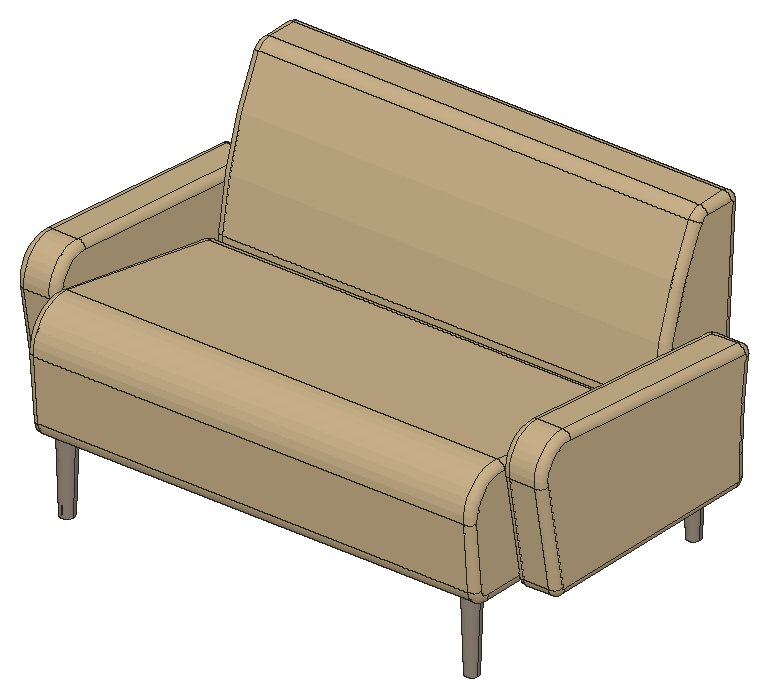
Revit family "Rise_RS-L-SL_LoveseatSlopedArms", category Furniture, Revit 2021
Family settings
  OmniClass Number = 23.40.20.00
  OmniClass Title = General Furniture and Specialties
  Work Plane-Based = No
  Always vertical = Yes
  Cut with Voids When Loaded = No
  Shared = No
  Room Calculation Point = No
Parameters
  width = 52"
  seat material = Fabric 3iii
  depth = 32"
  Default Elevation = 0"
  Base material = wooden base3
  Back rest material = Fabric 3ii
  Arm rest material = Fabric 3i
Reference planes (in)
  plane 1 "Center Front/Back": y = 0
  plane 2: z = 0
  plane 3 "Center Left/Right": x = 0
  plane 4: x = -26
  plane 5: x = 26
  plane 6: y = 16
  plane 7: y = -16
  plane 8: x = -22
  plane 9: x = 22
  plane 10: y = 6
  plane 11: y = -12.44657
  plane 12: z = 32
  plane 13: z = 19
  plane 14: z = 22.5
  plane 15: z = 7.12323
Forms (in)
  Extrusion 1, solid, material "Fabric 3ii" <- "Back rest material"
    sketch origin (0, 0, -1.62677) x (0, 1, 0) y (0, 0, 1)
      loop
        arc (12.04013, 31.9375) -> (11.28615, 31.73423) -> (10.73651, 31.17951) r 1.5
        arc (10.73651, 31.17951) -> (7.71431, 24.25148) -> (6.21931, 16.84226) r 35.6801
        arc (6.21931, 16.84226) -> (6.17247, 13.36043) -> (6.67773, 9.91513) r 21.91456
        arc (6.67773, 9.91513) -> (7.20508, 9.0769) -> (8.13987, 8.75) r 1.5
        line (8.13987, 8.75) -> (13.81248, 8.75)
        arc (13.81248, 8.75) -> (14.51958, 9.04289) -> (14.81248, 9.75) r 1
        line (14.81248, 9.75) -> (14.81248, 12.74538)
        arc (14.81248, 12.74538) -> (14.84339, 14.51652) -> (14.9361, 16.28552) r 50.75
        line (14.9361, 16.28552) -> (15.95579, 30.86774)
        arc (15.95579, 30.86774) -> (15.68958, 31.6195) -> (14.95822, 31.9375) r 1
        line (14.95822, 31.9375) -> (12.04013, 31.9375)
    from -22 to 22
  Extrusion 2, solid, material "Fabric 3iii" <- "seat material"
    sketch origin (0, 0, -1.62677) x (0, 1, 0) y (0, 0, 1)
      loop
        line (6.29227, 10.3285) -> (6.02665, 15.39689)
        arc (6.02665, 15.39689) -> (5.57974, 16.55571) -> (4.53493, 17.22727) r 2
        arc (4.53493, 17.22727) -> (-4.17096, 19.15136) -> (-12.99788, 20.40836) r 117.2535
        arc (-12.99788, 20.40836) -> (-16.01518, 19.35139) -> (-17.12077, 16.35157) r 3.75
        line (-17.12077, 16.35157) -> (-16.57551, 10.11927)
        arc (-16.57551, 10.11927) -> (-16.09461, 9.14408) -> (-15.08122, 8.75) r 1.5
        line (-15.08122, 8.75) -> (4.79433, 8.75)
        arc (4.79433, 8.75) -> (5.88239, 9.21747) -> (6.29227, 10.3285) r 1.5
    from -22 to 22
  Extrusion 3, solid, material "Fabric 3i" <- "Arm rest material"
    sketch origin (0, 0, -1.62677) x (0, 1, 0) y (0, 0, 1)
      loop
        arc (-9.82029, 23.08696) -> (-12.4997, 22.04499) -> (-13.30417, 19.28497) r 3.25
        line (-13.30417, 19.28497) -> (-11.59228, 9.57635)
        arc (-11.59228, 9.57635) -> (-11.25026, 8.98396) -> (-10.60747, 8.75) r 1
        line (-10.60747, 8.75) -> (10.76724, 8.75)
        arc (10.76724, 8.75) -> (11.47435, 9.04289) -> (11.76724, 9.75) r 1
        line (11.76724, 9.75) -> (11.76724, 11.91394)
        arc (11.76724, 11.91394) -> (11.84276, 14.07639) -> (12.06893, 16.2283) r 31
        line (12.06893, 16.2283) -> (12.60861, 20.06833)
        arc (12.60861, 20.06833) -> (12.40095, 20.83002) -> (11.7055, 21.2037) r 1
        line (11.7055, 21.2037) -> (-9.82029, 23.08696)
    from 22 to 26
  Extrusion 4, solid, material "Fabric 3i" <- "Arm rest material"
    sketch origin (0, 0, -1.62677) x (0, 1, 0) y (0, 0, -1)
      loop
        line (-9.82029, -23.08696) -> (11.7055, -21.2037)
        arc (11.7055, -21.2037) -> (12.40095, -20.83002) -> (12.60861, -20.06833) r 1
        line (12.60861, -20.06833) -> (12.06893, -16.2283)
        arc (12.06893, -16.2283) -> (11.84276, -14.07639) -> (11.76724, -11.91394) r 31
        line (11.76724, -11.91394) -> (11.76724, -9.75)
        arc (11.76724, -9.75) -> (11.47435, -9.04289) -> (10.76724, -8.75) r 1
        line (10.76724, -8.75) -> (-10.60747, -8.75)
        arc (-10.60747, -8.75) -> (-11.25026, -8.98396) -> (-11.59228, -9.57635) r 1
        line (-11.59228, -9.57635) -> (-13.30417, -19.28497)
        arc (-13.30417, -19.28497) -> (-12.4997, -22.04499) -> (-9.82029, -23.08696) r 3.25
    from 22 to 26
  Sweep 5, void
    path in 3D
      loop
        arc (26, 10.76724, 7.12323) -> (26, 11.47435, 7.41612) -> (26, 11.76724, 8.12323) r 1
        line (26, 11.76724, 8.12323) -> (26, 11.76724, 10.28716)
        arc (26, 11.76724, 10.28716) -> (26, 11.84276, 12.44961) -> (26, 12.06893, 14.60153) r 31
        line (26, 12.06893, 14.60153) -> (26, 12.60861, 18.44155)
        arc (26, 12.60861, 18.44155) -> (26, 12.40095, 19.20324) -> (26, 11.7055, 19.57692) r 1
        line (26, 11.7055, 19.57692) -> (26, -9.82029, 21.46018)
        arc (26, -9.82029, 21.46018) -> (26, -12.4997, 20.41822) -> (26, -13.30417, 17.65819) r 3.25
        line (26, -13.30417, 17.65819) -> (26, -11.59228, 7.94958)
        arc (26, -11.59228, 7.94958) -> (26, -11.25026, 7.35718) -> (26, -10.60747, 7.12323) r 1
        line (26, -10.60747, 7.12323) -> (26, 10.76724, 7.12323)
    profile origin (26, 0.07988, 7.12323) x (1, 0, 0) y (0, 0, -1)
      loop
        line (0, 0) -> (-0.75, 0)
        arc (-0.75, 0) -> (-0.21967, -0.21967) -> (0, -0.75) r 0.75
        line (0, -0.75) -> (0, 0)
  Sweep 6, void
    path in 3D
      loop
        arc (22, 10.76724, 7.12323) -> (22, 11.47435, 7.41612) -> (22, 11.76724, 8.12323) r 1
        line (22, 11.76724, 8.12323) -> (22, 11.76724, 10.28716)
        arc (22, 11.76724, 10.28716) -> (22, 11.84276, 12.44961) -> (22, 12.06893, 14.60153) r 31
        line (22, 12.06893, 14.60153) -> (22, 12.60861, 18.44155)
        arc (22, 12.60861, 18.44155) -> (22, 12.40095, 19.20324) -> (22, 11.7055, 19.57692) r 1
        line (22, 11.7055, 19.57692) -> (22, -9.82029, 21.46018)
        arc (22, -9.82029, 21.46018) -> (22, -12.4997, 20.41822) -> (22, -13.30417, 17.65819) r 3.25
        line (22, -13.30417, 17.65819) -> (22, -11.59228, 7.94958)
        arc (22, -11.59228, 7.94958) -> (22, -11.25026, 7.35718) -> (22, -10.60747, 7.12323) r 1
        line (22, -10.60747, 7.12323) -> (22, 10.76724, 7.12323)
    profile origin (22, 0.07988, 7.12323) x (1, 0, 0) y (0, 0, -1)
      loop
        line (0, 0) -> (0, -0.75)
        arc (0, -0.75) -> (0.21967, -0.21967) -> (0.75, 0) r 0.75
        line (0.75, 0) -> (0, 0)
  Sweep 7, void
    path in 3D
      loop
        arc (-26, 10.76724, 7.12323) -> (-26, 11.47435, 7.41612) -> (-26, 11.76724, 8.12323) r 1
        line (-26, 11.76724, 8.12323) -> (-26, 11.76724, 10.28716)
        arc (-26, 11.76724, 10.28716) -> (-26, 11.84276, 12.44961) -> (-26, 12.06893, 14.60153) r 31
        line (-26, 12.06893, 14.60153) -> (-26, 12.60861, 18.44155)
        arc (-26, 12.60861, 18.44155) -> (-26, 12.40095, 19.20324) -> (-26, 11.7055, 19.57692) r 1
        line (-26, 11.7055, 19.57692) -> (-26, -9.82029, 21.46018)
        arc (-26, -9.82029, 21.46018) -> (-26, -12.4997, 20.41822) -> (-26, -13.30417, 17.65819) r 3.25
        line (-26, -13.30417, 17.65819) -> (-26, -11.59228, 7.94958)
        arc (-26, -11.59228, 7.94958) -> (-26, -11.25026, 7.35718) -> (-26, -10.60747, 7.12323) r 1
        line (-26, -10.60747, 7.12323) -> (-26, 10.76724, 7.12323)
    profile origin (-26, 0.07988, 7.12323) x (1, 0, 0) y (0, 0, -1)
      loop
        line (0, 0) -> (0, -0.75)
        arc (0, -0.75) -> (0.21967, -0.21967) -> (0.75, 0) r 0.75
        line (0.75, 0) -> (0, 0)
  Sweep 8, void
    path in 3D
      loop
        arc (-22, 10.76724, 7.12323) -> (-22, 11.47435, 7.41612) -> (-22, 11.76724, 8.12323) r 1
        line (-22, 11.76724, 8.12323) -> (-22, 11.76724, 10.28716)
        arc (-22, 11.76724, 10.28716) -> (-22, 11.84276, 12.44961) -> (-22, 12.06893, 14.60153) r 31
        line (-22, 12.06893, 14.60153) -> (-22, 12.60861, 18.44155)
        arc (-22, 12.60861, 18.44155) -> (-22, 12.40095, 19.20324) -> (-22, 11.7055, 19.57692) r 1
        line (-22, 11.7055, 19.57692) -> (-22, -9.82029, 21.46018)
        arc (-22, -9.82029, 21.46018) -> (-22, -12.4997, 20.41822) -> (-22, -13.30417, 17.65819) r 3.25
        line (-22, -13.30417, 17.65819) -> (-22, -11.59228, 7.94958)
        arc (-22, -11.59228, 7.94958) -> (-22, -11.25026, 7.35718) -> (-22, -10.60747, 7.12323) r 1
        line (-22, -10.60747, 7.12323) -> (-22, 10.76724, 7.12323)
    profile origin (-22, 0.07988, 7.12323) x (1, 0, 0) y (0, 0, -1)
      loop
        line (0, 0) -> (-0.75, 0)
        arc (-0.75, 0) -> (-0.21967, -0.21967) -> (0, -0.75) r 0.75
        line (0, -0.75) -> (0, 0)
  Sweep 9, void
    path in 3D
      loop
        arc (22, 4.79433, 7.12323) -> (22, 5.88239, 7.59069) -> (22, 6.29227, 8.70173) r 1.5
        line (22, 6.29227, 8.70173) -> (22, 6.02665, 13.77011)
        arc (22, 6.02665, 13.77011) -> (22, 5.57974, 14.92894) -> (22, 4.53493, 15.60049) r 2
        arc (22, 4.53493, 15.60049) -> (22, -4.17096, 17.52458) -> (22, -12.99788, 18.78159) r 117.2535
        arc (22, -12.99788, 18.78159) -> (22, -16.01518, 17.72462) -> (22, -17.12077, 14.72479) r 3.75
        line (22, -17.12077, 14.72479) -> (22, -16.57551, 8.49249)
        arc (22, -16.57551, 8.49249) -> (22, -16.09461, 7.51731) -> (22, -15.08122, 7.12323) r 1.5
        line (22, -15.08122, 7.12323) -> (22, 4.79433, 7.12323)
    profile origin (22, -5.14344, 7.12323) x (1, 0, 0) y (0, 0, -1)
      loop
        line (0, 0) -> (-0.75, 0)
        arc (-0.75, 0) -> (-0.21967, -0.21967) -> (0, -0.75) r 0.75
        line (0, -0.75) -> (0, 0)
  Sweep 10, void
    path in 3D
      loop
        arc (-22, 4.79433, 7.12323) -> (-22, 5.88239, 7.59069) -> (-22, 6.29227, 8.70173) r 1.5
        line (-22, 6.29227, 8.70173) -> (-22, 6.02665, 13.77011)
        arc (-22, 6.02665, 13.77011) -> (-22, 5.57974, 14.92894) -> (-22, 4.53493, 15.60049) r 2
        arc (-22, 4.53493, 15.60049) -> (-22, -4.17096, 17.52458) -> (-22, -12.99788, 18.78159) r 117.2535
        arc (-22, -12.99788, 18.78159) -> (-22, -16.01518, 17.72462) -> (-22, -17.12077, 14.72479) r 3.75
        line (-22, -17.12077, 14.72479) -> (-22, -16.57551, 8.49249)
        arc (-22, -16.57551, 8.49249) -> (-22, -16.09461, 7.51731) -> (-22, -15.08122, 7.12323) r 1.5
        line (-22, -15.08122, 7.12323) -> (-22, 4.79433, 7.12323)
    profile origin (-22, -5.14344, 7.12323) x (1, 0, 0) y (0, 0, -1)
      loop
        line (0, 0) -> (0, -0.75)
        arc (0, -0.75) -> (0.21967, -0.21967) -> (0.75, 0) r 0.75
        line (0.75, 0) -> (0, 0)
  Sweep 11, void
    path in 3D
      loop
        arc (22, 13.81248, 7.12323) -> (22, 14.51958, 7.41612) -> (22, 14.81248, 8.12323) r 1
        line (22, 14.81248, 8.12323) -> (22, 14.81248, 11.1186)
        arc (22, 14.81248, 11.1186) -> (22, 14.84339, 12.88975) -> (22, 14.9361, 14.65874) r 50.75
        line (22, 14.9361, 14.65874) -> (22, 15.95579, 29.24097)
        arc (22, 15.95579, 29.24097) -> (22, 15.68958, 29.99272) -> (22, 14.95822, 30.31073) r 1
        line (22, 14.95822, 30.31073) -> (22, 12.04013, 30.31073)
        arc (22, 12.04013, 30.31073) -> (22, 11.28615, 30.10746) -> (22, 10.73651, 29.55274) r 1.5
        arc (22, 10.73651, 29.55274) -> (22, 7.71431, 22.6247) -> (22, 6.21931, 15.21549) r 35.6801
        arc (22, 6.21931, 15.21549) -> (22, 6.17247, 11.73365) -> (22, 6.67773, 8.28835) r 21.91456
        arc (22, 6.67773, 8.28835) -> (22, 7.20508, 7.45013) -> (22, 8.13987, 7.12323) r 1.5
        line (22, 8.13987, 7.12323) -> (22, 13.81248, 7.12323)
    profile origin (22, 10.97617, 7.12323) x (1, 0, 0) y (0, 0, -1)
      loop
        line (0, 0) -> (-0.75, 0)
        arc (-0.75, 0) -> (-0.21967, -0.21967) -> (0, -0.75) r 0.75
        line (0, -0.75) -> (0, 0)
  Sweep 12, void
    path in 3D
      loop
        arc (-22, 13.81248, 7.12323) -> (-22, 14.51958, 7.41612) -> (-22, 14.81248, 8.12323) r 1
        line (-22, 14.81248, 8.12323) -> (-22, 14.81248, 11.1186)
        arc (-22, 14.81248, 11.1186) -> (-22, 14.84339, 12.88975) -> (-22, 14.9361, 14.65874) r 50.75
        line (-22, 14.9361, 14.65874) -> (-22, 15.95579, 29.24097)
        arc (-22, 15.95579, 29.24097) -> (-22, 15.68958, 29.99272) -> (-22, 14.95822, 30.31073) r 1
        line (-22, 14.95822, 30.31073) -> (-22, 12.04013, 30.31073)
        arc (-22, 12.04013, 30.31073) -> (-22, 11.28615, 30.10746) -> (-22, 10.73651, 29.55274) r 1.5
        arc (-22, 10.73651, 29.55274) -> (-22, 7.71431, 22.6247) -> (-22, 6.21931, 15.21549) r 35.6801
        arc (-22, 6.21931, 15.21549) -> (-22, 6.17247, 11.73365) -> (-22, 6.67773, 8.28835) r 21.91456
        arc (-22, 6.67773, 8.28835) -> (-22, 7.20508, 7.45013) -> (-22, 8.13987, 7.12323) r 1.5
        line (-22, 8.13987, 7.12323) -> (-22, 13.81248, 7.12323)
    profile origin (-22, 10.97617, 7.12323) x (1, 0, 0) y (0, 0, -1)
      loop
        line (0, 0) -> (0, -0.75)
        arc (0, -0.75) -> (0.21967, -0.21967) -> (0.75, 0) r 0.75
        line (0.75, 0) -> (0, 0)
  Blend 13, solid, material "wooden base3" <- "Base material"
    base sketch origin (43.95812, 12.25786, 0) x (-1, 0, 0) y (0, -1, 0)
      loop
        circle (63.95812, 26.80283) r 0.875
    top sketch origin (43.95812, 12.25786, 0) x (-1, 0, 0) y (0, -1, 0)
      loop
        circle (63.95812, 26.80283) r 0.62593
    from 7.12323 to 0
  Extrusion 14, void
    sketch origin (3.90316, 9.84135, 0) x (-1, 0, 0) y (0, -1, 0)
      loop
        circle (23.90316, 24.38632) r 0.3906
    from 0 to 7.12323
  Blend 15, solid, material "wooden base3" <- "Base material", not visible
    base sketch origin (-54.96047, -59.67427, 0) x (1, 0, 0) y (0, 1, 0)
      loop
        circle (63.95812, 52.51778) r 0.875
    top sketch origin (-54.96047, -59.67427, 0) x (1, 0, 0) y (0, 1, 0)
      loop
        circle (63.95812, 52.51778) r 0.62593
    from 7.12323 to 0
  Extrusion 16, void, not visible
    sketch origin (-14.90551, -57.25776, 0) x (1, 0, 0) y (0, 1, 0)
      loop
        circle (23.90316, 50.10127) r 0.3906
    from 0 to 7.12323
  Blend 17, solid, material "wooden base3" <- "Base material"
    base sketch origin (83.95812, 12.25786, 0) x (-1, 0, 0) y (0, -1, 0)
      loop
        circle (63.95812, 26.80283) r 0.875
    top sketch origin (83.95812, 12.25786, 0) x (-1, 0, 0) y (0, -1, 0)
      loop
        circle (63.95812, 26.80283) r 0.62593
    from 7.12323 to 0
  Extrusion 18, void
    sketch origin (43.90316, 9.84135, 0) x (-1, 0, 0) y (0, -1, 0)
      loop
        circle (23.90316, 24.38632) r 0.3906
    from 0 to 7.12323
  Blend 19, solid, material "wooden base3" <- "Base material"
    base sketch origin (43.95812, 39.66031, 0) x (-1, 0, 0) y (0, -1, 0)
      loop
        circle (63.95812, 26.80283) r 0.875
    top sketch origin (43.95812, 39.66031, 0) x (-1, 0, 0) y (0, -1, 0)
      loop
        circle (63.95812, 26.80283) r 0.62593
    from 7.12323 to 0
  Extrusion 20, void
    sketch origin (3.90316, 37.2438, 0) x (-1, 0, 0) y (0, -1, 0)
      loop
        circle (23.90316, 24.38632) r 0.3906
    from 0 to 7.12323
  Blend 21, solid, material "wooden base3" <- "Base material"
    base sketch origin (83.95812, 39.66031, 0) x (-1, 0, 0) y (0, -1, 0)
      loop
        circle (63.95812, 26.80283) r 0.875
    top sketch origin (83.95812, 39.66031, 0) x (-1, 0, 0) y (0, -1, 0)
      loop
        circle (63.95812, 26.80283) r 0.62593
    from 7.12323 to 0
  Extrusion 22, void
    sketch origin (43.90316, 37.2438, 0) x (-1, 0, 0) y (0, -1, 0)
      loop
        circle (23.90316, 24.38632) r 0.3906
    from 0 to 7.12323
Cuts and joins
  Sweep 5, Sweep 6, Sweep 9, Sweep 10, Sweep 11, Sweep 12 cuts Extrusion 3
  Sweep 8, Sweep 11, Sweep 12 cuts Extrusion 1
  Sweep 8, Sweep 9, Sweep 10 cuts Extrusion 2
  Sweep 7, Sweep 8 cuts Extrusion 4
  Extrusion 14, Extrusion 18, Extrusion 20 cuts Blend 13
  Extrusion 18, Extrusion 22 cuts Blend 17
  Extrusion 20 cuts Blend 19
  Extrusion 22 cuts Blend 21
Lines and regions (in)
  sketch lines
    curve 1: line (26, -10.60747, 7.12323) -> (26, 10.76724, 7.12323)
    curve 2: arc (26, -10.60747, 7.12323) -> (26, -11.25026, 7.35718) -> (26, -11.59228, 7.94958) r 1
    curve 3: line (26, -13.30417, 17.65819) -> (26, -11.59228, 7.94958)
    curve 4: arc (26, -13.30417, 17.65819) -> (26, -12.4997, 20.41822) -> (26, -9.82029, 21.46018) r 3.25
    curve 5: line (26, 11.7055, 19.57692) -> (26, -9.82029, 21.46018)
    curve 6: arc (26, 11.7055, 19.57692) -> (26, 12.40095, 19.20324) -> (26, 12.60861, 18.44155) r 1
    curve 7: line (26, 12.06893, 14.60153) -> (26, 12.60861, 18.44155)
    curve 8: arc (26, 12.06893, 14.60153) -> (26, 11.84276, 12.44961) -> (26, 11.76724, 10.28716) r 31
    curve 9: line (26, 11.76724, 8.12323) -> (26, 11.76724, 10.28716)
    curve 10: arc (26, 11.76724, 8.12323) -> (26, 11.47435, 7.41612) -> (26, 10.76724, 7.12323) r 1
    curve 11: line (22, -10.60747, 7.12323) -> (22, 10.76724, 7.12323)
    curve 12: arc (22, -10.60747, 7.12323) -> (22, -11.25026, 7.35718) -> (22, -11.59228, 7.94958) r 1
    curve 13: line (22, -13.30417, 17.65819) -> (22, -11.59228, 7.94958)
    curve 14: arc (22, -13.30417, 17.65819) -> (22, -12.4997, 20.41822) -> (22, -9.82029, 21.46018) r 3.25
    curve 15: line (22, 11.7055, 19.57692) -> (22, -9.82029, 21.46018)
    curve 16: arc (22, 11.7055, 19.57692) -> (22, 12.40095, 19.20324) -> (22, 12.60861, 18.44155) r 1
    curve 17: line (22, 12.06893, 14.60153) -> (22, 12.60861, 18.44155)
    curve 18: arc (22, 12.06893, 14.60153) -> (22, 11.84276, 12.44961) -> (22, 11.76724, 10.28716) r 31
    curve 19: line (22, 11.76724, 8.12323) -> (22, 11.76724, 10.28716)
    curve 20: arc (22, 11.76724, 8.12323) -> (22, 11.47435, 7.41612) -> (22, 10.76724, 7.12323) r 1
    curve 21: line (-26, -10.60747, 7.12323) -> (-26, 10.76724, 7.12323)
    curve 22: arc (-26, -10.60747, 7.12323) -> (-26, -11.25026, 7.35718) -> (-26, -11.59228, 7.94958) r 1
    curve 23: line (-26, -13.30417, 17.65819) -> (-26, -11.59228, 7.94958)
    curve 24: arc (-26, -13.30417, 17.65819) -> (-26, -12.4997, 20.41822) -> (-26, -9.82029, 21.46018) r 3.25
    curve 25: line (-26, 11.7055, 19.57692) -> (-26, -9.82029, 21.46018)
    curve 26: arc (-26, 11.7055, 19.57692) -> (-26, 12.40095, 19.20324) -> (-26, 12.60861, 18.44155) r 1
    curve 27: line (-26, 12.06893, 14.60153) -> (-26, 12.60861, 18.44155)
    curve 28: arc (-26, 12.06893, 14.60153) -> (-26, 11.84276, 12.44961) -> (-26, 11.76724, 10.28716) r 31
    curve 29: line (-26, 11.76724, 8.12323) -> (-26, 11.76724, 10.28716)
    curve 30: arc (-26, 11.76724, 8.12323) -> (-26, 11.47435, 7.41612) -> (-26, 10.76724, 7.12323) r 1
    curve 31: line (-22, -10.60747, 7.12323) -> (-22, 10.76724, 7.12323)
    curve 32: arc (-22, -10.60747, 7.12323) -> (-22, -11.25026, 7.35718) -> (-22, -11.59228, 7.94958) r 1
    curve 33: line (-22, -13.30417, 17.65819) -> (-22, -11.59228, 7.94958)
    curve 34: arc (-22, -13.30417, 17.65819) -> (-22, -12.4997, 20.41822) -> (-22, -9.82029, 21.46018) r 3.25
    curve 35: line (-22, 11.7055, 19.57692) -> (-22, -9.82029, 21.46018)
    curve 36: arc (-22, 11.7055, 19.57692) -> (-22, 12.40095, 19.20324) -> (-22, 12.60861, 18.44155) r 1
    curve 37: line (-22, 12.06893, 14.60153) -> (-22, 12.60861, 18.44155)
    curve 38: arc (-22, 12.06893, 14.60153) -> (-22, 11.84276, 12.44961) -> (-22, 11.76724, 10.28716) r 31
    curve 39: line (-22, 11.76724, 8.12323) -> (-22, 11.76724, 10.28716)
    curve 40: arc (-22, 11.76724, 8.12323) -> (-22, 11.47435, 7.41612) -> (-22, 10.76724, 7.12323) r 1
    curve 41: line (22, -15.08122, 7.12323) -> (22, 4.79433, 7.12323)
    curve 42: arc (22, -15.08122, 7.12323) -> (22, -16.09461, 7.51731) -> (22, -16.57551, 8.49249) r 1.5
    curve 43: line (22, -17.12077, 14.72479) -> (22, -16.57551, 8.49249)
    curve 44: arc (22, -17.12077, 14.72479) -> (22, -16.01518, 17.72462) -> (22, -12.99788, 18.78159) r 3.75
    curve 45: arc (22, -12.99788, 18.78159) -> (22, -4.17096, 17.52458) -> (22, 4.53493, 15.60049) r 117.2535
    curve 46: arc (22, 4.53493, 15.60049) -> (22, 5.57974, 14.92894) -> (22, 6.02665, 13.77011) r 2
    curve 47: arc (22, 6.29227, 8.70173) -> (22, 5.88239, 7.59069) -> (22, 4.79433, 7.12323) r 1.5
    curve 48: line (22, 6.29227, 8.70173) -> (22, 6.02665, 13.77011)
    curve 49: line (-22, -15.08122, 7.12323) -> (-22, 4.79433, 7.12323)
    curve 50: arc (-22, -15.08122, 7.12323) -> (-22, -16.09461, 7.51731) -> (-22, -16.57551, 8.49249) r 1.5
    curve 51: line (-22, -17.12077, 14.72479) -> (-22, -16.57551, 8.49249)
    curve 52: arc (-22, -17.12077, 14.72479) -> (-22, -16.01518, 17.72462) -> (-22, -12.99788, 18.78159) r 3.75
    curve 53: arc (-22, -12.99788, 18.78159) -> (-22, -4.17096, 17.52458) -> (-22, 4.53493, 15.60049) r 117.2535
    curve 54: arc (-22, 4.53493, 15.60049) -> (-22, 5.57974, 14.92894) -> (-22, 6.02665, 13.77011) r 2
    curve 55: arc (-22, 6.29227, 8.70173) -> (-22, 5.88239, 7.59069) -> (-22, 4.79433, 7.12323) r 1.5
    curve 56: line (-22, 6.29227, 8.70173) -> (-22, 6.02665, 13.77011)
    curve 57: line (22, 8.13987, 7.12323) -> (22, 13.81248, 7.12323)
    curve 58: arc (22, 14.81248, 8.12323) -> (22, 14.51958, 7.41612) -> (22, 13.81248, 7.12323) r 1
    curve 59: line (22, 14.81248, 8.12323) -> (22, 14.81248, 11.1186)
    curve 60: arc (22, 8.13987, 7.12323) -> (22, 7.20508, 7.45013) -> (22, 6.67773, 8.28835) r 1.5
    curve 61: arc (22, 14.9361, 14.65874) -> (22, 14.84339, 12.88975) -> (22, 14.81248, 11.1186) r 50.75
    curve 62: line (22, 14.9361, 14.65874) -> (22, 15.95579, 29.24097)
    curve 63: arc (22, 14.95822, 30.31073) -> (22, 15.68958, 29.99272) -> (22, 15.95579, 29.24097) r 1
    curve 64: line (22, 14.95822, 30.31073) -> (22, 12.04013, 30.31073)
    curve 65: arc (22, 10.73651, 29.55274) -> (22, 11.28615, 30.10746) -> (22, 12.04013, 30.31073) r 1.5
    curve 66: arc (22, 6.21931, 15.21549) -> (22, 7.71431, 22.6247) -> (22, 10.73651, 29.55274) r 35.6801
    curve 67: arc (22, 6.67773, 8.28835) -> (22, 6.17247, 11.73365) -> (22, 6.21931, 15.21549) r 21.91456
    curve 68: line (-22, 8.13987, 7.12323) -> (-22, 13.81248, 7.12323)
    curve 69: arc (-22, 14.81248, 8.12323) -> (-22, 14.51958, 7.41612) -> (-22, 13.81248, 7.12323) r 1
    curve 70: line (-22, 14.81248, 8.12323) -> (-22, 14.81248, 11.1186)
    curve 71: arc (-22, 8.13987, 7.12323) -> (-22, 7.20508, 7.45013) -> (-22, 6.67773, 8.28835) r 1.5
    curve 72: arc (-22, 14.9361, 14.65874) -> (-22, 14.84339, 12.88975) -> (-22, 14.81248, 11.1186) r 50.75
    curve 73: line (-22, 14.9361, 14.65874) -> (-22, 15.95579, 29.24097)
    curve 74: arc (-22, 14.95822, 30.31073) -> (-22, 15.68958, 29.99272) -> (-22, 15.95579, 29.24097) r 1
    curve 75: line (-22, 14.95822, 30.31073) -> (-22, 12.04013, 30.31073)
    curve 76: arc (-22, 10.73651, 29.55274) -> (-22, 11.28615, 30.10746) -> (-22, 12.04013, 30.31073) r 1.5
    curve 77: arc (-22, 6.21931, 15.21549) -> (-22, 7.71431, 22.6247) -> (-22, 10.73651, 29.55274) r 35.6801
    curve 78: arc (-22, 6.67773, 8.28835) -> (-22, 6.17247, 11.73365) -> (-22, 6.21931, 15.21549) r 21.91456
Dimensions and locks (in)
  equal spacing: plane 4, plane 3 "Center Left/Right", plane 5
  "width": plane 4 to plane 5
  equal spacing: plane 6, plane 1 "Center Front/Back", plane 7
  "depth": plane 6 to plane 7
  locked: plane 4 to plane 8 at 4
  locked: plane 9 to plane 5 at 4
  plane 8 to plane 9 = 44"
  plane 6 to plane 10 = 10"
  plane 12 to level = 32"
  plane 13 to level = 19"
  plane 14 to level = 22.5"
  diameter of Blend 13 sketch curve = 1.25187"
  diameter of Extrusion 14 sketch curve = 0.7812"
  diameter of Blend 15 sketch curve = 1.25187"
  diameter of Extrusion 16 sketch curve = 0.7812"
  diameter of Blend 17 sketch curve = 1.25187"
  diameter of Extrusion 18 sketch curve = 0.7812"
  diameter of Blend 19 sketch curve = 1.25187"
  diameter of Extrusion 20 sketch curve = 0.7812"
  diameter of Blend 21 sketch curve = 1.25187"
  diameter of Extrusion 22 sketch curve = 0.7812"
  aligned and locked: level to plane 2
  aligned and locked: Extrusion 1 to plane 8
  aligned and locked: plane 9 to Extrusion 1
  aligned and locked: plane 9 to Extrusion 2
  aligned and locked: Extrusion 2 to plane 8
  aligned and locked: plane 5 to Extrusion 3
  aligned and locked: Extrusion 3 to plane 9
  aligned and locked: plane 8 to Extrusion 4
  aligned and locked: Extrusion 4 to plane 4
Automatic sketch dimensions
  Extrusion 2 sketch curve to plane 7 = 9.10331"
  Extrusion 2 sketch curve to plane 7 = 1.12077"
  Extrusion 2 sketch curve to plane 7 = 0.57551"
  plane 7 to Extrusion 2 sketch curve = 0.91878"
  Extrusion 2 sketch curve to plane 11 = 0.93846"
  Extrusion 2 sketch curve to plane 10 = 1.97061"
  Extrusion 2 sketch curve to plane 10 = 1.20567"
  plane 10 to Extrusion 2 sketch curve = 0.02665"
  plane 10 to Extrusion 2 sketch curve = 0.29227"
  Extrusion 2 sketch curve to level = 97.84535"
  Extrusion 2 sketch curve to Extrusion 2 sketch curve = 1.5"
  Extrusion 2 sketch curve to Extrusion 2 sketch curve = 0"
  Extrusion 4 sketch curve to plane 11 = 0.8576"
  plane 11 to Extrusion 4 sketch curve = 0.85429"
  Extrusion 4 sketch curve to Extrusion 4 sketch curve = 0.98481"
  plane 11 to Extrusion 4 sketch curve = 2.34303"
  plane 11 to Extrusion 4 sketch curve = 2.62628"
  Extrusion 4 sketch curve to plane 6 = 4.38166"
  Extrusion 4 sketch curve to Extrusion 4 sketch curve = 0.08716"
  Extrusion 4 sketch curve to plane 6 = 4.23276"
  Extrusion 4 sketch curve to Extrusion 4 sketch curve = 0.45059"
  Extrusion 4 sketch curve to Extrusion 4 sketch curve = 0.99027"
  Extrusion 4 sketch curve to Extrusion 4 sketch curve = 0.56436"
  Extrusion 4 sketch curve to Extrusion 4 sketch curve = 3.84002"
  Extrusion 4 sketch curve to Extrusion 4 sketch curve = 0.13917"
  Extrusion 4 sketch curve to Extrusion 4 sketch curve = 1"  (x2)
  Extrusion 3 sketch curve to plane 11 = 0.8576"
  plane 11 to Extrusion 3 sketch curve = 0.85429"
  Extrusion 3 sketch curve to Extrusion 3 sketch curve = 0.98481"
  plane 11 to Extrusion 3 sketch curve = 2.34303"
  plane 11 to Extrusion 3 sketch curve = 2.62628"
  plane 10 to Extrusion 3 sketch curve = 4.76724"
  Extrusion 3 sketch curve to plane 6 = 4.38166"
  Extrusion 3 sketch curve to Extrusion 3 sketch curve = 0.08716"
  Extrusion 3 sketch curve to Extrusion 3 sketch curve = 1"
  Extrusion 3 sketch curve to Extrusion 3 sketch curve = 0.45059"
  Extrusion 3 sketch curve to Extrusion 3 sketch curve = 0.99027"
  Extrusion 3 sketch curve to Extrusion 3 sketch curve = 0.56436"
  Extrusion 3 sketch curve to Extrusion 3 sketch curve = 3.84002"
  Extrusion 3 sketch curve to Extrusion 3 sketch curve = 0.13917"
  profile plane to Sweep 6 sketch curve = 0"
  Sweep 6 sketch curve to profile plane = 0"
  Sweep 6 sketch curve to Sweep 6 sketch curve = 0.75"
  profile plane to Sweep 7 sketch curve = 0"
  Sweep 7 sketch curve to profile plane = 0"
  Sweep 7 sketch curve to profile plane = 0.75"
  Sweep 8 sketch curve to profile plane = 0"
  profile plane to Sweep 8 sketch curve = 0"
  Sweep 8 sketch curve to Sweep 8 sketch curve = 0.75"
  profile plane to Sweep 10 sketch curve = 0"
  Sweep 10 sketch curve to profile plane = 0"
  Sweep 10 sketch curve to Sweep 10 sketch curve = 0.75"
  plane 10 to Extrusion 1 sketch curve = 2.13987"
  Extrusion 1 sketch curve to plane 12 = 3.18927"
  Extrusion 1 sketch curve to plane 6 = 3.95987"
  Extrusion 1 sketch curve to plane 6 = 2.18752"
  Extrusion 1 sketch curve to plane 6 = 1.18752"
  Extrusion 1 sketch curve to Extrusion 1 sketch curve = 0.12362"
  Extrusion 1 sketch curve to plane 12 = 1.68927"
  Extrusion 1 sketch curve to plane 6 = 1.04178"
  Extrusion 1 sketch curve to plane 6 = 0.04421"
  plane 6 to Extrusion 1 sketch curve = 12.0392"
  Extrusion 1 sketch curve to Extrusion 1 sketch curve = 13.70607"
  Extrusion 1 sketch curve to Extrusion 1 sketch curve = 1.5"
  Extrusion 1 sketch curve to plane 12 = 2.75903"
  Extrusion 1 sketch curve to Extrusion 1 sketch curve = 0"  (x2)
  profile plane to Sweep 12 sketch curve = 0"
  Sweep 12 sketch curve to profile plane = 0"
  Sweep 12 sketch curve to Sweep 12 sketch curve = 0.75"
  Extrusion 1 sketch curve to Extrusion 1 sketch curve = 23.8172"
  Extrusion 1 sketch curve to Extrusion 1 sketch curve = 1.47799"
  Extrusion 2 sketch curve to Extrusion 2 sketch curve = 5.04221"
  Extrusion 2 sketch curve to Extrusion 2 sketch curve = 0.10467"
  Extrusion 2 sketch curve to Extrusion 2 sketch curve = 6.2323"
  Extrusion 2 sketch curve to Extrusion 2 sketch curve = 0.32683"
  plane 6 to Extrusion 3 sketch curve = 26.76724"
  plane 6 to Extrusion 4 sketch curve = 26.76724"
  Extrusion 3 sketch curve to Extrusion 3 sketch curve = 9.70862"
  Extrusion 4 sketch curve to plane 12 = 10.53982"
  Sweep 5 sketch curve to profile plane = 0"
  profile plane to Sweep 5 sketch curve = 0"
  profile plane to Sweep 5 sketch curve = 0.75"
  Sweep 9 sketch curve to profile plane = 0"
  profile plane to Sweep 9 sketch curve = 0"
  Sweep 9 sketch curve to Sweep 9 sketch curve = 0.75"
  Sweep 11 sketch curve to profile plane = 0"
  profile plane to Sweep 11 sketch curve = 0"
  profile plane to Sweep 11 sketch curve = 0.75"
  Extrusion 1 sketch curve to plane 13 = 4.34126"
  level to Extrusion 1 sketch curve = 11.90264"
  Extrusion 1 sketch curve to Extrusion 1 sketch curve = 2.49538"
  level to Extrusion 2 sketch curve = 7.12323"
  Extrusion 2 sketch curve to Extrusion 2 sketch curve = 1.36927"
  level to Extrusion 3 sketch curve = 7.12323"
  Extrusion 3 sketch curve to Extrusion 3 sketch curve = 0.82635"
  Extrusion 3 sketch curve to Extrusion 3 sketch curve = 2.16394"
  plane 13 to Extrusion 4 sketch curve = 0.57692"
  level to Extrusion 4 sketch curve = 8.12323"
  radius of Blend 13 sketch curve = 0.875"
  radius of Blend 15 sketch curve = 0.875"
  radius of Blend 17 sketch curve = 0.875"
  radius of Blend 19 sketch curve = 0.875"
  radius of Blend 21 sketch curve = 0.875"
